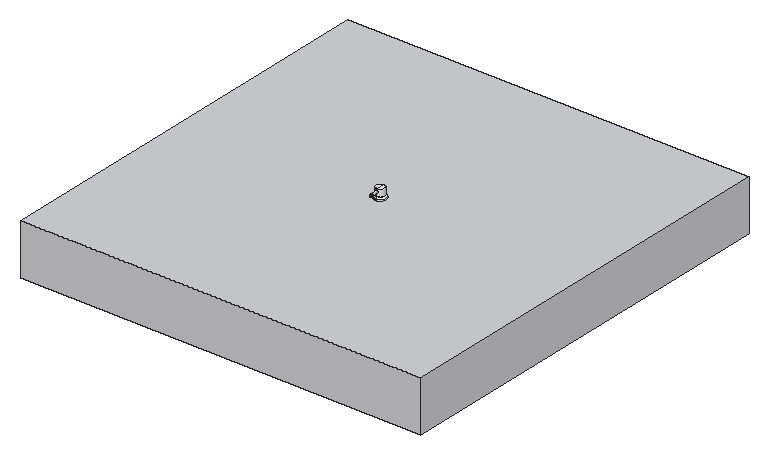
Revit family "Shower_Diverter-American_Standard-Serin-T064.700_Series", category Plumbing Fixtures, host Face, Revit 2015
Parameters (values of type "T064.700.002")
  Width = 2 5/8"
  Waste Connection = no
  Warranty Information = "1 Year Limited"
  WFU = 4
  Vent Connection = no
  URL = "http://www.americanstandard-us.com/"
  Type Comments = ""
  Product Page URL = "https://www.americanstandard-us.com/bathroom/shower-faucets/serin-onoff-volume-control-valve-trim-kit-18194"
  Product Documentation Link = "https://www.americanstandard-us.com/-/media/sites/asus/files/product-specs/bulk/specsheett064700.pdf?la=en"
  Price = "Prices may vary. Please consult Manufacturer Representative for most up-to-date price list."  # constant formula
  Model = "T064.700.002"
  Material = Brass-American Standard-002-Polished Chrome
  Manufacturer = "American Standard"
  Length = 2 1/8"
  Installation Type = "Wall Mounted"
  Hot Water Connection Radius = 1/4"
  Hot Water Connection Diameter = Hot Water Connection Radius * 2  # 1/2"
  Height = 2 1/8"
  HWFU = 3
  HW Connection = yes
  Description = "Serin Diverter Valve Trim Kit"
  Default Elevation = 46"
  Creation Date = "01/28/2020"  # constant formula
  Cold Water Connection Radius = 1/4"
  Cold Water Connection Diameter = Cold Water Connection Radius * 2  # 1/2"
  CWFU = 3
  CW Connection = yes
  Assembly Code = "D2010710"
  ADA Compliant = yes
Types (2): name | Model | Material
  T064.700.002 | "T064.700.002" | Brass-American Standard-002-Polished Chrome
  T064.700.295 | "T064.700.295" | Brass-American Standard-295-Brushed Nickel
Reference planes (in)
  plane 1 "Center (Front/Back)": y = 0
  plane 2: z = 0
  plane 3 "Center (Left/Right)": x = 0
  plane 4: z = 3.625
  plane 5: x = -3.1875
  plane 6: x = -0.5625
  plane 7: y = 1.375
  plane 8: y = -1.375
  plane 9: x = 1.375
  plane 10: x = -1.375
  plane 11: y = 1.3125
  plane 12: y = -1.3125
  plane 13: z = 2.125
Forms (in)
  Extrusion 1, solid
    sketch origin (1.89282, 0, 0) x (1, 0, 0) y (0, 1, 0)
      loop
        line (-48, 48) -> (-48, -48) -> (46.10718, -48) -> (46.10718, 48) -> (-48, 48)
    from 0 to -12
  Revolve 2, solid, material "Brass-American Standard-002-Polished Chrome" <- "Material"
    sketch origin (0, 0, 0) x (0, 1, 0) y (0, 0, 1)
      loop
        line (0.65916, 0.62007) -> (0.53432, 0.62007) -> (0.53432, 0.72286) -> (0.96671, 0.72286) -> (0.96671, 2.125) -> (0, 2.125) -> (0, 0) -> (1.3125, 0) -> (1.3125, 0.1015) -> (0.65916, 0.40615) -> (0.65916, 0.62007)
      axis (0, 0) -> (0, 2.125)
    angle from 0 to 360
  Revolve 3, solid, material "Brass-American Standard-002-Polished Chrome", not visible
    sketch origin (0, 0, -2) x (1, 0, 0) y (0, 1, 0)
      loop
        line (-1.5, 0) -> (-1.5, -0.25) -> (1.375, -0.25) -> (1.375, 0) -> (-1.5, 0)
      axis (1.375, 0) -> (-1.5, 0)
    angle from 0 to 360
  Revolve 4, solid, material "Brass-American Standard-002-Polished Chrome", not visible
    sketch origin (0, 0, -2) x (0, 1, 0) y (-1, 0, 0)
      loop
        line (1.375, 0) -> (1.375, 0.25) -> (-1.375, 0.25) -> (-1.375, 0) -> (1.375, 0)
      axis (1.375, 0) -> (-1.375, 0)
    angle from 0 to 360
  Revolve 5, solid, material "Brass-American Standard-002-Polished Chrome" <- "Material"
    sketch origin (0, -21.08808, -0.61061) x (0, 0, -1) y (0, 1, 0)
      loop
        line (-2.17574, 20.24331) -> (-2.17574, 18.1984)
        arc (-2.17574, 18.1984) -> (-2.05356, 18.20461) -> (-1.93264, 18.2232) r 1.20395
        line (-1.93264, 18.2232) -> (-1.91333, 18.25663) -> (-1.92386, 18.45755)
        arc (-1.92386, 18.45755) -> (-1.94238, 18.47512) -> (-1.9258, 18.49453) r 0.01854
        line (-1.9258, 18.49453) -> (-2.01745, 20.24331) -> (-2.17574, 20.24331)
      axis (-2.17574, 20.24331) -> (-2.17574, 18.1984)
    angle from 0 to 360
Cuts and joins
  joined: Revolve 2, Revolve 5
Dimensions and locks (in)
  "Width": plane 5 to plane 6
  Extrusion 1 to plane 4 = 3 5/8"
  equal spacing: plane 11, plane 1 "Center (Front/Back)", plane 12
  plane 11 to plane 12 = 2 5/8"
  plane 13 to Extrusion 1 = 2 1/8"
  aligned and locked: plane 2 to Extrusion 1
  aligned and locked: level to Extrusion 1
Automatic sketch dimensions
  Extrusion 1 sketch curve to Extrusion 1 sketch curve = 94.10718"
  Extrusion 1 sketch curve to Extrusion 1 sketch curve = 96"
  plane 3 "Center (Left/Right)" to Revolve 3 sketch curve = 1 3/8"
  Revolve 3 sketch curve to plane 3 "Center (Left/Right)" = 1"
  Revolve 3 sketch curve to plane 3 "Center (Left/Right)" = 1.34727"
  Revolve 3 sketch curve to plane 6 = 15/16"
  plane 1 "Center (Front/Back)" to Revolve 3 sketch curve = 1/4"
  Revolve 3 sketch curve to Revolve 3 sketch curve = 1/4"
  Revolve 3 sketch curve to Revolve 3 sketch curve = 0"
  plane 1 "Center (Front/Back)" to Revolve 4 sketch curve = 1 3/8"
  plane 1 "Center (Front/Back)" to Revolve 4 sketch curve = 1"
  Revolve 4 sketch curve to Revolve 4 sketch curve = 0.02773"
  Revolve 4 sketch curve to plane 3 "Center (Left/Right)" = 1/4"
  Revolve 4 sketch curve to plane 1 "Center (Front/Back)" = 1 3/8"
  Revolve 4 sketch curve to Revolve 4 sketch curve = 1/4"
  Revolve 4 sketch curve to Revolve 4 sketch curve = 0"
  Revolve 2 sketch curve to plane 1 "Center (Front/Back)" = 0"  (x2)
  Revolve 2 sketch curve to plane 11 = 0"
  Revolve 2 sketch curve to level = 0"
  Revolve 2 sketch curve to plane 1 "Center (Front/Back)" = 0.53432"
  Revolve 2 sketch curve to Revolve 2 sketch curve = 0.12484"
  Revolve 2 sketch curve to Revolve 2 sketch curve = 0.30756"
  Revolve 2 sketch curve to Revolve 2 sketch curve = 0.1015"
  level to Revolve 2 sketch curve = 0.40615"
  Revolve 2 sketch curve to Revolve 2 sketch curve = 0.21392"
  Revolve 2 sketch curve to Revolve 2 sketch curve = 0.10279"
  Revolve 2 sketch curve to Revolve 2 sketch curve = 0.16872"
  plane 4 to Revolve 2 sketch curve = 0.16872"
  plane 4 to Revolve 2 sketch curve = 1 1/2"
  plane 12 to Revolve 5 sketch curve = 0.46773"
  plane 4 to Revolve 5 sketch curve = 2.05987"
  Revolve 5 sketch curve to Revolve 5 sketch curve = 0.15829"
  Revolve 5 sketch curve to Revolve 5 sketch curve = 0.24994"
  Revolve 5 sketch curve to Revolve 5 sketch curve = 0.00194"
  Revolve 5 sketch curve to Revolve 5 sketch curve = 0.01053"
  Revolve 5 sketch curve to plane 12 = 0.37323"
  Revolve 5 sketch curve to Revolve 5 sketch curve = 0.01844"
  Revolve 5 sketch curve to Revolve 5 sketch curve = 0"
  Revolve 5 sketch curve to Revolve 5 sketch curve = 0.09015"
  Revolve 5 sketch curve to Revolve 5 sketch curve = 0.13629"
  Revolve 5 sketch curve to Revolve 5 sketch curve = 0.90781"
  Revolve 5 sketch curve to Revolve 5 sketch curve = 0.20092"
  Revolve 5 sketch curve to Revolve 5 sketch curve = 0.05823"
  Revolve 5 sketch curve to Revolve 5 sketch curve = 0.0193"
Connectors (in)
  piping at (0, -1.375, -2), diameter 0.5, driven by "Hot Water Connection Radius"
    settings: on Revolve 4, index 1, connector inside diameter 1/2", connector length 0", flow factor 0, pipe flow 0 GPM, pressure drop 0.00 psi, fitting loss kfactor 0, connector angle 0.00°, fixture units 0, engagement length 0", angle of deflection 0.00°, flow configuration 0, flow direction 2, fitting loss method 0, system type 7, joint type 0, gender type 0, connector reference index -1, connector utility 0, adjustable connector no, is connector primary yes, connector description "1/2\" NPT Tub Inlet"
  piping at (-1.5, 0, -2), diameter 0.5, driven by "CWFU", driven by "Cold Water Connection Radius"
    settings: on Revolve 3, index 2, connector inside diameter 1/2", connector length 0", flow factor 0, pipe flow 0 GPM, pressure drop 0.00 psi, fitting loss kfactor 0, connector angle 0.00°, fixture units 3, engagement length 0", angle of deflection 0.00°, flow configuration 3, flow direction 1, fitting loss method 0, system type 20, joint type 0, gender type 0, connector reference index -1, connector utility 0, adjustable connector no, is connector primary no, connector description "1/2\" NPT CW Inlet"
  piping at (0, 1.375, -2), diameter 0.5, driven by "Hot Water Connection Radius"
    settings: on Revolve 4, index 3, connector inside diameter 1/2", connector length 0", flow factor 0, pipe flow 0 GPM, pressure drop 0.00 psi, fitting loss kfactor 0, connector angle 0.00°, fixture units 0, engagement length 0", angle of deflection 0.00°, flow configuration 0, flow direction 2, fitting loss method 0, system type 7, joint type 0, gender type 0, connector reference index -1, connector utility 0, adjustable connector no, is connector primary no, connector description "1/2\" NPT Shower Inlet"
  piping at (1.375, 0, -2), diameter 0.5, driven by "HWFU", driven by "Hot Water Connection Radius"
    settings: on Revolve 3, index 4, connector inside diameter 1/2", connector length 0", flow factor 0, pipe flow 0 GPM, pressure drop 0.00 psi, fitting loss kfactor 0, connector angle 0.00°, fixture units 3, engagement length 0", angle of deflection 0.00°, flow configuration 3, flow direction 1, fitting loss method 0, system type 19, joint type 0, gender type 0, connector reference index -1, connector utility 0, adjustable connector no, is connector primary no, connector description "1/2\" NPT HW Inlet"
